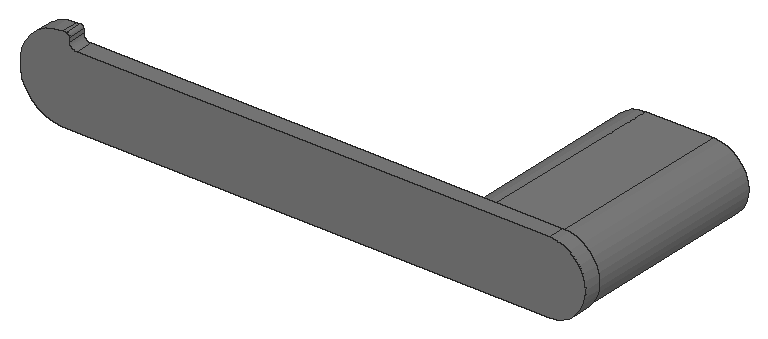
Revit family "RBA1631-612", category Plumbing Fixtures, Revit 2021
Family settings
  Round Connector Dimension = Use Diameter
  Part Type = Normal
  Work Plane-Based = No
  Always vertical = Yes
  Cut with Voids When Loaded = No
  Shared = Yes
  Room Calculation Point = No
Parameters
  Watermarked By = "www.rba.com.au"
  Waste Connection = yes
  Vent Connection = yes
  URL = ""
  Phone Number = ""
  Modified Issue = ""
  Model = "RBA1631-512"
  Materials and Finishes = Heavy Duty Brass, PVD Gunmetal Finish
  Manufacturer Model = ""
  Manufacturer = "RBA Group"  # constant formula
  HW Connection = yes
  Description = "ōken Toilet Roll Holder #2 | PVD Brushed Brass Finish"
  Default Elevation = 0 mm
  Copyright by = "RBA Group"  # constant formula
  CW Connection = yes
Reference planes
  plane 1 "Center (Front/Back)": y = 0
  plane 2: z = 0
  plane 3 "Center (Left/Right)": x = 0
  plane 4: x = 20.5
  plane 5: x = -144.5
  plane 6: x = -20
  plane 7: x = 20
  plane 8: x = -130
  plane 9: z = 25
  plane 10: z = 20.5
  plane 11: z = 0.5
Forms (mm)
  Extrusion 1, solid, material "Heavy Duty Brass, PVD Gunmetal Finish" <- "Materials and Finishes"
    sketch origin (-62, 0, 0) x (1, 0, 0) y (0, 0, 1)
      loop
        line (72, 21) -> (-66, 21)
        arc (-66, 21) -> (-67.414, 21.586) -> (-68, 23) r 2
        line (-68, 23) -> (-68, 24)
        arc (-68, 24) -> (-68.293, 24.707) -> (-69, 25) r 1
        line (-69, 25) -> (-70, 25)
        arc (-70, 25) -> (-82.5, 12.5) -> (-70, 0) r 12.5
        line (-70, 0) -> (72, 0)
        arc (72, 0) -> (82.5, 10.5) -> (72, 21) r 10.5
    from 55 to 60
  Extrusion 2, solid, material "Heavy Duty Brass, PVD Gunmetal Finish" <- "Materials and Finishes"
    sketch origin (-62, 0, 0) x (1, 0, 0) y (0, 0, 1)
      loop
        arc (52, 20.5) -> (42, 10.5) -> (52, 0.5) r 10
        line (52, 0.5) -> (72, 0.5)
        arc (72, 0.5) -> (82, 10.5) -> (72, 20.5) r 10
        line (72, 20.5) -> (52, 20.5)
    from 0 to 55
Dimensions and locks
  aligned and locked: plane 2 to level
